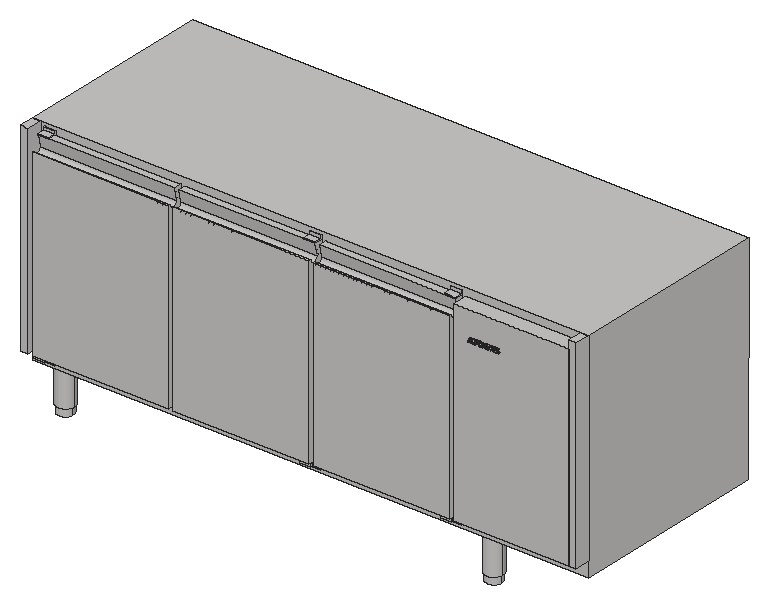
Revit family "QF_ALPENINOX_712277_AH3K5AAA", category Attrezzature speciali, Revit 2018 (continued)
Definition of nested family "HPP_APX_BI_BT_R"
  Automatic sketch dimensions
    Split face 127 sketch curve to Extrusion 2 = 123.044 mm
    Split face 127 sketch curve to Split face 127 sketch curve = 42 mm
    Split face 127 sketch curve to Extrusion 2 = 284.176 mm
    Split face 127 sketch curve to Split face 127 sketch curve = 4 mm
    Split face 128 sketch curve to Extrusion 2 = 68.044 mm
    Split face 128 sketch curve to Extrusion 2 = 26.044 mm
    Split face 128 sketch curve to Extrusion 2 = 284.176 mm
    Split face 128 sketch curve to Split face 128 sketch curve = 4 mm
    Split face 129 sketch curve to Extrusion 2 = 123.044 mm
    Split face 129 sketch curve to Split face 129 sketch curve = 42 mm
    Split face 129 sketch curve to Extrusion 2 = 296.176 mm
    Split face 129 sketch curve to Split face 129 sketch curve = 4 mm
    Split face 130 sketch curve to Extrusion 2 = 68.044 mm
    Split face 130 sketch curve to Extrusion 2 = 26.044 mm
    Split face 130 sketch curve to Extrusion 2 = 296.176 mm
    Split face 130 sketch curve to Split face 130 sketch curve = 4 mm
    Split face 131 sketch curve to Extrusion 2 = 123.044 mm
    Split face 131 sketch curve to Split face 131 sketch curve = 42 mm
    Split face 131 sketch curve to Extrusion 2 = 308.176 mm
    Split face 131 sketch curve to Split face 131 sketch curve = 4 mm
    Split face 132 sketch curve to Extrusion 2 = 68.044 mm
    Split face 132 sketch curve to Extrusion 2 = 26.044 mm
    Split face 132 sketch curve to Extrusion 2 = 308.176 mm
    Split face 132 sketch curve to Split face 132 sketch curve = 4 mm
    Split face 133 sketch curve to Extrusion 2 = 123.044 mm
    Split face 133 sketch curve to Split face 133 sketch curve = 42 mm
    Split face 133 sketch curve to Extrusion 2 = 192.174 mm
    Split face 133 sketch curve to Split face 133 sketch curve = 4 mm
    Split face 134 sketch curve to Extrusion 2 = 68.044 mm
    Split face 134 sketch curve to Extrusion 2 = 26.044 mm
    Split face 134 sketch curve to Extrusion 2 = 192.174 mm
    Split face 134 sketch curve to Split face 134 sketch curve = 4 mm
    Split face 135 sketch curve to Extrusion 2 = 123.044 mm
    Split face 135 sketch curve to Split face 135 sketch curve = 42 mm
    Split face 135 sketch curve to Extrusion 2 = 180.174 mm
    Split face 135 sketch curve to Split face 135 sketch curve = 4 mm
    Split face 136 sketch curve to Extrusion 2 = 68.044 mm
    Split face 136 sketch curve to Extrusion 2 = 26.044 mm
    Split face 136 sketch curve to Extrusion 2 = 180.174 mm
    Split face 136 sketch curve to Split face 136 sketch curve = 4 mm
    Split face 137 sketch curve to Extrusion 2 = 123.044 mm
    Split face 137 sketch curve to Split face 137 sketch curve = 42 mm
    Split face 137 sketch curve to Extrusion 2 = 168.174 mm
    Split face 137 sketch curve to Split face 137 sketch curve = 4 mm
    Split face 138 sketch curve to Extrusion 2 = 68.044 mm
    Split face 138 sketch curve to Extrusion 2 = 26.044 mm
    Split face 138 sketch curve to Extrusion 2 = 168.174 mm
    Split face 138 sketch curve to Split face 138 sketch curve = 4 mm
    Split face 139 sketch curve to Extrusion 2 = 123.044 mm
    Split face 139 sketch curve to Split face 139 sketch curve = 42 mm
    Split face 139 sketch curve to Extrusion 2 = 156.174 mm
    Split face 139 sketch curve to Split face 139 sketch curve = 4 mm
    Split face 140 sketch curve to Extrusion 2 = 68.044 mm
    Split face 140 sketch curve to Extrusion 2 = 26.044 mm
    Split face 140 sketch curve to Extrusion 2 = 156.174 mm
    Split face 140 sketch curve to Split face 140 sketch curve = 4 mm
    Split face 141 sketch curve to Extrusion 2 = 123.044 mm
    Split face 141 sketch curve to Split face 141 sketch curve = 42 mm
    Split face 141 sketch curve to Extrusion 2 = 144.174 mm
    Split face 141 sketch curve to Split face 141 sketch curve = 4 mm
    Split face 142 sketch curve to Extrusion 2 = 68.044 mm
    Split face 142 sketch curve to Extrusion 2 = 26.044 mm
    Split face 142 sketch curve to Extrusion 2 = 144.174 mm
    Split face 142 sketch curve to Split face 142 sketch curve = 4 mm
    Split face 143 sketch curve to Extrusion 2 = 123.044 mm
    Split face 143 sketch curve to Split face 143 sketch curve = 42 mm
    Split face 143 sketch curve to Extrusion 2 = 132.174 mm
    Split face 143 sketch curve to Split face 143 sketch curve = 4 mm
    Split face 144 sketch curve to Extrusion 2 = 68.044 mm
    Split face 144 sketch curve to Extrusion 2 = 26.044 mm
    Split face 144 sketch curve to Extrusion 2 = 132.174 mm
    Split face 144 sketch curve to Split face 144 sketch curve = 4 mm
    Split face 145 sketch curve to Extrusion 2 = 123.044 mm
    Split face 145 sketch curve to Split face 145 sketch curve = 42 mm
    Split face 145 sketch curve to Extrusion 2 = 120.174 mm
    Split face 145 sketch curve to Split face 145 sketch curve = 4 mm
    Split face 146 sketch curve to Extrusion 2 = 68.044 mm
    Split face 146 sketch curve to Extrusion 2 = 26.044 mm
    Split face 146 sketch curve to Extrusion 2 = 120.174 mm
    Split face 146 sketch curve to Split face 146 sketch curve = 4 mm
    Split face 147 sketch curve to Extrusion 2 = 123.044 mm
    Split face 147 sketch curve to Split face 147 sketch curve = 42 mm
    Split face 147 sketch curve to Extrusion 2 = 108.174 mm
    Split face 147 sketch curve to Split face 147 sketch curve = 4 mm
    Split face 148 sketch curve to Extrusion 2 = 68.044 mm
    Split face 148 sketch curve to Extrusion 2 = 26.044 mm
    Split face 148 sketch curve to Extrusion 2 = 108.174 mm
    Split face 148 sketch curve to Split face 148 sketch curve = 4 mm
    Split face 149 sketch curve to Extrusion 2 = 123.044 mm
    Split face 149 sketch curve to Split face 149 sketch curve = 42 mm
    Split face 149 sketch curve to Extrusion 2 = 96.174 mm
    Split face 149 sketch curve to Split face 149 sketch curve = 4 mm
    Split face 150 sketch curve to Extrusion 2 = 68.044 mm
    Split face 150 sketch curve to Extrusion 2 = 26.044 mm
    Split face 150 sketch curve to Extrusion 2 = 96.174 mm
    Split face 150 sketch curve to Split face 150 sketch curve = 4 mm
    Split face 151 sketch curve to Extrusion 2 = 123.044 mm
    Split face 151 sketch curve to Split face 151 sketch curve = 42 mm
    Split face 151 sketch curve to Extrusion 2 = 84.174 mm
    Split face 151 sketch curve to Split face 151 sketch curve = 4 mm
    Split face 152 sketch curve to Extrusion 2 = 68.044 mm
    Split face 152 sketch curve to Extrusion 2 = 26.044 mm
    Split face 152 sketch curve to Extrusion 2 = 84.174 mm
    Split face 152 sketch curve to Split face 152 sketch curve = 4 mm
    Split face 153 sketch curve to Extrusion 2 = 80.174 mm
    Split face 153 sketch curve to Extrusion 2 = 123.044 mm
    Split face 153 sketch curve to Split face 153 sketch curve = 42 mm
    Split face 153 sketch curve to Split face 153 sketch curve = 4 mm
    Split face 154 sketch curve to Extrusion 2 = 68.044 mm
    Split face 154 sketch curve to Extrusion 2 = 26.044 mm
    Split face 154 sketch curve to Extrusion 2 = 72.174 mm
    Split face 154 sketch curve to Split face 154 sketch curve = 4 mm
    Split face 155 sketch curve to Extrusion 2 = 68.174 mm
    Split face 155 sketch curve to Extrusion 2 = 123.044 mm
    Split face 155 sketch curve to Split face 155 sketch curve = 42 mm
    Split face 155 sketch curve to Split face 155 sketch curve = 4 mm
    Split face 156 sketch curve to Extrusion 2 = 68.044 mm
    Split face 156 sketch curve to Extrusion 2 = 26.044 mm
    Split face 156 sketch curve to Extrusion 2 = 60.174 mm
    Split face 156 sketch curve to Split face 156 sketch curve = 4 mm
    Split face 157 sketch curve to Extrusion 2 = 56.174 mm
    Split face 157 sketch curve to Extrusion 2 = 123.044 mm
    Split face 157 sketch curve to Split face 157 sketch curve = 42 mm
    Split face 157 sketch curve to Split face 157 sketch curve = 4 mm
    Split face 158 sketch curve to Extrusion 2 = 68.044 mm
    Split face 158 sketch curve to Extrusion 2 = 26.044 mm
    Split face 158 sketch curve to Extrusion 2 = 48.174 mm
    Split face 158 sketch curve to Split face 158 sketch curve = 4 mm
    Split face 159 sketch curve to Extrusion 2 = 44.174 mm
    Split face 159 sketch curve to Extrusion 2 = 123.044 mm
    Split face 159 sketch curve to Split face 159 sketch curve = 42 mm
    Split face 159 sketch curve to Split face 159 sketch curve = 4 mm
    Split face 160 sketch curve to Extrusion 2 = 44.174 mm
    Split face 160 sketch curve to Extrusion 2 = 68.044 mm
    Split face 160 sketch curve to Extrusion 2 = 26.044 mm
    Split face 160 sketch curve to Split face 160 sketch curve = 4 mm
    Split face 161 sketch curve to Extrusion 2 = 32.174 mm
    Split face 161 sketch curve to Extrusion 2 = 123.044 mm
    Split face 161 sketch curve to Extrusion 2 = 24.174 mm
    Split face 161 sketch curve to Split face 161 sketch curve = 42 mm
    Split face 162 sketch curve to Extrusion 2 = 32.174 mm
    Split face 162 sketch curve to Extrusion 2 = 68.044 mm
    Split face 162 sketch curve to Extrusion 2 = 26.044 mm
    Split face 162 sketch curve to Split face 162 sketch curve = 4 mm
    Split face 163 sketch curve to Extrusion 2 = 20.174 mm
    Split face 163 sketch curve to Extrusion 2 = 123.044 mm
    Split face 163 sketch curve to Extrusion 2 = 12.174 mm
    Split face 163 sketch curve to Split face 163 sketch curve = 42 mm
    Split face 164 sketch curve to Extrusion 2 = 20.174 mm
    Split face 164 sketch curve to Extrusion 2 = 68.044 mm
    Split face 164 sketch curve to Extrusion 2 = 12.174 mm
    Split face 164 sketch curve to Extrusion 2 = 26.044 mm
    Split face 165 sketch curve to Extrusion 2 = 0 mm  (x2)
    Split face 165 sketch curve to Extrusion 2 = 46.5 mm
    Split face 165 sketch curve to Extrusion 2 = 104 mm
    Split face 165 sketch curve to Split face 165 sketch curve = 17.5 mm
    Split face 166 sketch curve to Extrusion 2 = 135.956 mm
    Split face 166 sketch curve to Split face 166 sketch curve = 42 mm
    Split face 166 sketch curve to Extrusion 2 = 128.176 mm
    Split face 166 sketch curve to Split face 166 sketch curve = 4 mm
    Split face 167 sketch curve to Extrusion 2 = 135.956 mm
    Split face 167 sketch curve to Split face 167 sketch curve = 42 mm
    Split face 167 sketch curve to Extrusion 2 = 140.176 mm
    Split face 167 sketch curve to Split face 167 sketch curve = 4 mm
    Split face 168 sketch curve to Extrusion 2 = 135.956 mm
    Split face 168 sketch curve to Split face 168 sketch curve = 42 mm
    Split face 168 sketch curve to Extrusion 2 = 152.176 mm
    Split face 168 sketch curve to Split face 168 sketch curve = 4 mm
    Split face 169 sketch curve to Extrusion 2 = 135.956 mm
    Split face 169 sketch curve to Split face 169 sketch curve = 42 mm
    Split face 169 sketch curve to Extrusion 2 = 164.176 mm
    Split face 169 sketch curve to Split face 169 sketch curve = 4 mm
    Split face 170 sketch curve to Extrusion 2 = 135.956 mm
    Split face 170 sketch curve to Split face 170 sketch curve = 42 mm
    Split face 170 sketch curve to Extrusion 2 = 176.176 mm
    Split face 170 sketch curve to Split face 170 sketch curve = 4 mm
    Split face 171 sketch curve to Extrusion 2 = 135.956 mm
    Split face 171 sketch curve to Split face 171 sketch curve = 42 mm
    Split face 171 sketch curve to Extrusion 2 = 188.176 mm
    Split face 171 sketch curve to Split face 171 sketch curve = 4 mm
    Split face 172 sketch curve to Extrusion 2 = 135.956 mm
    Split face 172 sketch curve to Split face 172 sketch curve = 42 mm
    Split face 172 sketch curve to Extrusion 2 = 200.176 mm
    Split face 172 sketch curve to Split face 172 sketch curve = 4 mm
    Split face 173 sketch curve to Extrusion 2 = 135.956 mm
    Split face 173 sketch curve to Split face 173 sketch curve = 42 mm
    Split face 173 sketch curve to Extrusion 2 = 212.176 mm
    Split face 173 sketch curve to Split face 173 sketch curve = 4 mm
    Split face 174 sketch curve to Extrusion 2 = 135.956 mm
    Split face 174 sketch curve to Split face 174 sketch curve = 42 mm
    Split face 174 sketch curve to Extrusion 2 = 224.176 mm
    Split face 174 sketch curve to Split face 174 sketch curve = 4 mm
    Split face 175 sketch curve to Extrusion 2 = 135.956 mm
    Split face 175 sketch curve to Split face 175 sketch curve = 42 mm
    Split face 175 sketch curve to Extrusion 2 = 236.176 mm
    Split face 175 sketch curve to Split face 175 sketch curve = 4 mm
    Split face 176 sketch curve to Extrusion 2 = 135.956 mm
    Split face 176 sketch curve to Split face 176 sketch curve = 42 mm
    Split face 176 sketch curve to Extrusion 2 = 248.176 mm
    Split face 176 sketch curve to Split face 176 sketch curve = 4 mm
    Split face 177 sketch curve to Extrusion 2 = 135.956 mm
    Split face 177 sketch curve to Split face 177 sketch curve = 42 mm
    Split face 177 sketch curve to Extrusion 2 = 260.176 mm
    Split face 177 sketch curve to Split face 177 sketch curve = 4 mm
    Split face 178 sketch curve to Extrusion 2 = 135.956 mm
    Split face 178 sketch curve to Split face 178 sketch curve = 42 mm
    Split face 178 sketch curve to Extrusion 2 = 272.176 mm
    Split face 178 sketch curve to Split face 178 sketch curve = 4 mm
    Split face 179 sketch curve to Extrusion 2 = 135.956 mm
    Split face 179 sketch curve to Split face 179 sketch curve = 42 mm
    Split face 179 sketch curve to Extrusion 2 = 284.176 mm
    Split face 179 sketch curve to Split face 179 sketch curve = 4 mm
    Split face 180 sketch curve to Extrusion 2 = 135.956 mm
    Split face 180 sketch curve to Split face 180 sketch curve = 42 mm
    Split face 180 sketch curve to Extrusion 2 = 296.176 mm
    Split face 180 sketch curve to Split face 180 sketch curve = 4 mm
    Split face 181 sketch curve to Extrusion 2 = 135.956 mm
    Split face 181 sketch curve to Split face 181 sketch curve = 42 mm
    Split face 181 sketch curve to Extrusion 2 = 308.176 mm
    Split face 181 sketch curve to Split face 181 sketch curve = 4 mm
    Split face 182 sketch curve to Extrusion 2 = 135.956 mm
    Split face 182 sketch curve to Split face 182 sketch curve = 42 mm
    Split face 182 sketch curve to Extrusion 2 = 192.174 mm
    Split face 182 sketch curve to Split face 182 sketch curve = 4 mm
    Split face 183 sketch curve to Extrusion 2 = 135.956 mm
    Split face 183 sketch curve to Split face 183 sketch curve = 42 mm
    Split face 183 sketch curve to Extrusion 2 = 180.174 mm
    Split face 183 sketch curve to Split face 183 sketch curve = 4 mm
    Split face 184 sketch curve to Extrusion 2 = 135.956 mm
    Split face 184 sketch curve to Split face 184 sketch curve = 42 mm
    Split face 184 sketch curve to Extrusion 2 = 168.174 mm
    Split face 184 sketch curve to Split face 184 sketch curve = 4 mm
    Split face 185 sketch curve to Extrusion 2 = 135.956 mm
    Split face 185 sketch curve to Split face 185 sketch curve = 42 mm
    Split face 185 sketch curve to Extrusion 2 = 156.174 mm
    Split face 185 sketch curve to Split face 185 sketch curve = 4 mm
    Split face 186 sketch curve to Extrusion 2 = 135.956 mm
    Split face 186 sketch curve to Split face 186 sketch curve = 42 mm
    Split face 186 sketch curve to Extrusion 2 = 144.174 mm
    Split face 186 sketch curve to Split face 186 sketch curve = 4 mm
    Split face 187 sketch curve to Extrusion 2 = 135.956 mm
    Split face 187 sketch curve to Split face 187 sketch curve = 42 mm
    Split face 187 sketch curve to Extrusion 2 = 132.174 mm
    Split face 187 sketch curve to Split face 187 sketch curve = 4 mm
    Split face 188 sketch curve to Extrusion 2 = 135.956 mm
    Split face 188 sketch curve to Split face 188 sketch curve = 42 mm
    Split face 188 sketch curve to Extrusion 2 = 120.174 mm
    Split face 188 sketch curve to Split face 188 sketch curve = 4 mm
    Split face 189 sketch curve to Extrusion 2 = 135.956 mm
    Split face 189 sketch curve to Split face 189 sketch curve = 42 mm
    Split face 189 sketch curve to Extrusion 2 = 108.174 mm
    Split face 189 sketch curve to Split face 189 sketch curve = 4 mm
    Split face 190 sketch curve to Extrusion 2 = 135.956 mm
    Split face 190 sketch curve to Split face 190 sketch curve = 42 mm
    Split face 190 sketch curve to Extrusion 2 = 96.174 mm
    Split face 190 sketch curve to Split face 190 sketch curve = 4 mm
    Split face 191 sketch curve to Extrusion 2 = 135.956 mm
    Split face 191 sketch curve to Split face 191 sketch curve = 42 mm
    Split face 191 sketch curve to Extrusion 2 = 84.174 mm
    Split face 191 sketch curve to Split face 191 sketch curve = 4 mm
    Split face 192 sketch curve to Extrusion 2 = 80.174 mm
    Split face 192 sketch curve to Extrusion 2 = 135.956 mm
    Split face 192 sketch curve to Split face 192 sketch curve = 42 mm
    Split face 192 sketch curve to Split face 192 sketch curve = 4 mm
    Split face 193 sketch curve to Extrusion 2 = 68.174 mm
    Split face 193 sketch curve to Extrusion 2 = 135.956 mm
    Split face 193 sketch curve to Split face 193 sketch curve = 42 mm
    Split face 193 sketch curve to Split face 193 sketch curve = 4 mm
    Split face 194 sketch curve to Extrusion 2 = 56.174 mm
    Split face 194 sketch curve to Extrusion 2 = 135.956 mm
    Split face 194 sketch curve to Split face 194 sketch curve = 42 mm
    Split face 194 sketch curve to Split face 194 sketch curve = 4 mm
    Split face 195 sketch curve to Extrusion 2 = 44.174 mm
    Split face 195 sketch curve to Extrusion 2 = 135.956 mm
    Split face 195 sketch curve to Split face 195 sketch curve = 42 mm
    Split face 195 sketch curve to Split face 195 sketch curve = 4 mm
    Split face 196 sketch curve to Extrusion 2 = 32.174 mm
    Split face 196 sketch curve to Extrusion 2 = 135.956 mm
    Split face 196 sketch curve to Split face 196 sketch curve = 42 mm
    Split face 196 sketch curve to Split face 196 sketch curve = 4 mm
    Split face 197 sketch curve to Extrusion 2 = 20.174 mm
    Split face 197 sketch curve to Extrusion 2 = 135.956 mm
    Split face 197 sketch curve to Extrusion 2 = 16.174 mm
    Split face 197 sketch curve to Split face 197 sketch curve = 42 mm
    plane 4 to Extrusion 3 sketch curve = 46.828 mm
    Extrusion 3 sketch curve to Extrusion 3 sketch curve = 1.266 mm
    Extrusion 3 sketch curve to Extrusion 3 sketch curve = 1.307 mm
    Extrusion 3 sketch curve to Extrusion 3 sketch curve = 0.57 mm
    Extrusion 3 sketch curve to Extrusion 3 sketch curve = 0.593 mm
    Extrusion 3 sketch curve to Extrusion 3 sketch curve = 0.799 mm
    Extrusion 3 sketch curve to Extrusion 3 sketch curve = 1.99 mm  (x2)
    Extrusion 3 sketch curve to Extrusion 3 sketch curve = 0.003 mm
    Extrusion 3 sketch curve to Extrusion 3 sketch curve = 3.534 mm
    Extrusion 3 sketch curve to Extrusion 3 sketch curve = 0.835 mm
    Extrusion 3 sketch curve to Extrusion 3 sketch curve = 0.56 mm
    Extrusion 3 sketch curve to Extrusion 3 sketch curve = 1.268 mm
    Extrusion 3 sketch curve to Extrusion 3 sketch curve = 1.223 mm
    Extrusion 3 sketch curve to Extrusion 3 sketch curve = 1.344 mm
    Extrusion 3 sketch curve to Extrusion 3 sketch curve = 1.394 mm  (x2)
    Extrusion 3 sketch curve to Extrusion 3 sketch curve = 1.512 mm
    Extrusion 3 sketch curve to Extrusion 3 sketch curve = 3.309 mm
    Extrusion 3 sketch curve to Extrusion 3 sketch curve = 5.841 mm
    Extrusion 3 sketch curve to Extrusion 3 sketch curve = 1.393 mm
    Extrusion 3 sketch curve to Extrusion 3 sketch curve = 1.439 mm
    Extrusion 3 sketch curve to Extrusion 3 sketch curve = 0 mm  (x18)
    Extrusion 3 sketch curve to Extrusion 3 sketch curve = 1.902 mm
    Extrusion 3 sketch curve to Extrusion 3 sketch curve = 0.052 mm
    Extrusion 3 sketch curve to Extrusion 3 sketch curve = 2.065 mm
    Extrusion 3 sketch curve to Extrusion 3 sketch curve = 0.647 mm
    Extrusion 3 sketch curve to Extrusion 3 sketch curve = 8.079 mm
    Extrusion 3 sketch curve to Extrusion 3 sketch curve = 0.073 mm
    Extrusion 3 sketch curve to Extrusion 3 sketch curve = 2.145 mm
    Extrusion 3 sketch curve to Extrusion 3 sketch curve = 2.931 mm
    Extrusion 3 sketch curve to Extrusion 3 sketch curve = 0.213 mm
    Extrusion 3 sketch curve to Extrusion 3 sketch curve = 0.026 mm
    Extrusion 3 sketch curve to Extrusion 3 sketch curve = 0.263 mm
    Extrusion 3 sketch curve to Extrusion 3 sketch curve = 0.516 mm
    Extrusion 3 sketch curve to Extrusion 3 sketch curve = 0.356 mm
    Extrusion 3 sketch curve to Extrusion 3 sketch curve = 0.387 mm
    Extrusion 3 sketch curve to Extrusion 3 sketch curve = 2.378 mm
    Extrusion 3 sketch curve to Extrusion 3 sketch curve = 2.466 mm
    Extrusion 3 sketch curve to Extrusion 3 sketch curve = 0.602 mm
    Extrusion 3 sketch curve to Extrusion 3 sketch curve = 1.02 mm
    Extrusion 3 sketch curve to Extrusion 3 sketch curve = 0.949 mm
    Extrusion 3 sketch curve to Extrusion 3 sketch curve = 1.728 mm
    Extrusion 3 sketch curve to Extrusion 3 sketch curve = 0.157 mm  (x2)
    Extrusion 3 sketch curve to Extrusion 3 sketch curve = 0.292 mm
    Extrusion 3 sketch curve to Extrusion 3 sketch curve = 3.565 mm
    Extrusion 3 sketch curve to Extrusion 3 sketch curve = 1.396 mm  (x2)
    Extrusion 3 sketch curve to Extrusion 3 sketch curve = 1.418 mm  (x2)
    Extrusion 3 sketch curve to plane 6 = 79.968 mm
    Extrusion 3 sketch curve to Extrusion 3 sketch curve = 1.151 mm  (x2)
    Extrusion 3 sketch curve to Extrusion 3 sketch curve = 5.709 mm  (x2)
    Extrusion 3 sketch curve to Extrusion 3 sketch curve = 0.224 mm  (x2)
    Extrusion 3 sketch curve to Extrusion 3 sketch curve = 1.149 mm  (x2)
    Extrusion 3 sketch curve to Extrusion 3 sketch curve = 1.395 mm  (x2)
    Extrusion 3 sketch curve to Extrusion 3 sketch curve = 1.744 mm
    Extrusion 3 sketch curve to Extrusion 3 sketch curve = 1.745 mm
    Extrusion 3 sketch curve to Extrusion 3 sketch curve = 6.963 mm
    Extrusion 3 sketch curve to Extrusion 3 sketch curve = 0.493 mm  (x3)
    Extrusion 3 sketch curve to Extrusion 3 sketch curve = 0.273 mm  (x2)
    Extrusion 3 sketch curve to Extrusion 3 sketch curve = 0.021 mm  (x2)
    Extrusion 3 sketch curve to Extrusion 3 sketch curve = 0.226 mm  (x2)
    Extrusion 3 sketch curve to Extrusion 3 sketch curve = 0.268 mm  (x2)
    Extrusion 3 sketch curve to Extrusion 3 sketch curve = 0.294 mm
    Extrusion 3 sketch curve to Extrusion 3 sketch curve = 5.238 mm
    Extrusion 3 sketch curve to Extrusion 3 sketch curve = 5.908 mm
    Extrusion 3 sketch curve to Extrusion 3 sketch curve = 1.109 mm  (x2)
    Extrusion 3 sketch curve to Extrusion 3 sketch curve = 1.108 mm  (x2)
    Extrusion 3 sketch curve to Extrusion 3 sketch curve = 1.142 mm  (x2)
    Extrusion 3 sketch curve to Extrusion 3 sketch curve = 1.216 mm  (x2)
    Extrusion 3 sketch curve to Extrusion 3 sketch curve = 3.013 mm
    Extrusion 3 sketch curve to Extrusion 3 sketch curve = 1.616 mm  (x3)
    Extrusion 3 sketch curve to Extrusion 3 sketch curve = 2.305 mm
    Extrusion 3 sketch curve to Extrusion 3 sketch curve = 3.049 mm
    Extrusion 3 sketch curve to Extrusion 3 sketch curve = 0.828 mm
    Extrusion 3 sketch curve to Extrusion 3 sketch curve = 0.11 mm  (x2)
    Extrusion 3 sketch curve to Extrusion 3 sketch curve = 0.402 mm
    Extrusion 3 sketch curve to Extrusion 3 sketch curve = 0.719 mm
    Extrusion 3 sketch curve to Extrusion 3 sketch curve = 0.996 mm
    Extrusion 3 sketch curve to Extrusion 3 sketch curve = 0.761 mm
    Extrusion 3 sketch curve to Extrusion 3 sketch curve = 2.042 mm
    Extrusion 3 sketch curve to Extrusion 3 sketch curve = 1.768 mm
    Extrusion 3 sketch curve to Extrusion 3 sketch curve = 1.955 mm
    Extrusion 3 sketch curve to Extrusion 3 sketch curve = 0.34 mm
    Extrusion 3 sketch curve to Extrusion 3 sketch curve = 1.481 mm
    Extrusion 3 sketch curve to Extrusion 3 sketch curve = 3.543 mm  (x2)
    Extrusion 3 sketch curve to Extrusion 3 sketch curve = 0.474 mm
    Extrusion 3 sketch curve to Extrusion 3 sketch curve = 3.335 mm
    Extrusion 3 sketch curve to Extrusion 3 sketch curve = 0.681 mm
    Extrusion 3 sketch curve to Extrusion 3 sketch curve = 0.209 mm
    Extrusion 3 sketch curve to Extrusion 3 sketch curve = 0.121 mm
    Extrusion 3 sketch curve to Extrusion 3 sketch curve = 0.352 mm  (x2)
    Extrusion 3 sketch curve to Extrusion 3 sketch curve = 0.597 mm
    Extrusion 3 sketch curve to Extrusion 3 sketch curve = 2.288 mm  (x2)
    Extrusion 3 sketch curve to Extrusion 3 sketch curve = 0.533 mm  (x4)
    Extrusion 3 sketch curve to Extrusion 3 sketch curve = 0.732 mm
    Extrusion 3 sketch curve to Extrusion 3 sketch curve = 0.14 mm  (x4)
    Extrusion 3 sketch curve to Extrusion 3 sketch curve = 0.075 mm
    Extrusion 3 sketch curve to Extrusion 3 sketch curve = 0.31 mm  (x2)
    Extrusion 3 sketch curve to Extrusion 3 sketch curve = 0.473 mm
    Extrusion 3 sketch curve to Extrusion 3 sketch curve = 0.171 mm
    Extrusion 3 sketch curve to Extrusion 3 sketch curve = 0.674 mm
    Extrusion 3 sketch curve to Extrusion 3 sketch curve = 1.992 mm
    Extrusion 3 sketch curve to Extrusion 3 sketch curve = 5.4 mm
    Extrusion 3 sketch curve to Extrusion 3 sketch curve = 3.473 mm  (x2)
    Extrusion 3 sketch curve to Extrusion 3 sketch curve = 2.32 mm
    Extrusion 3 sketch curve to Extrusion 3 sketch curve = 2.431 mm
    Extrusion 3 sketch curve to Extrusion 3 sketch curve = 1.177 mm
    Extrusion 3 sketch curve to Extrusion 3 sketch curve = 0.966 mm
    Extrusion 3 sketch curve to Extrusion 3 sketch curve = 2.544 mm
    Extrusion 3 sketch curve to Extrusion 3 sketch curve = 0.346 mm
    Extrusion 3 sketch curve to Extrusion 3 sketch curve = 0.037 mm
    Extrusion 3 sketch curve to Extrusion 3 sketch curve = 2.58 mm  (x2)
    Extrusion 3 sketch curve to Extrusion 3 sketch curve = 0.793 mm  (x2)
    Extrusion 3 sketch curve to Extrusion 3 sketch curve = 0.276 mm
    Extrusion 3 sketch curve to Extrusion 3 sketch curve = 3.452 mm  (x2)
    Extrusion 3 sketch curve to Extrusion 3 sketch curve = 1.238 mm
    Extrusion 3 sketch curve to Extrusion 3 sketch curve = 3.023 mm
    Extrusion 3 sketch curve to Extrusion 3 sketch curve = 0.834 mm  (x2)
    Extrusion 3 sketch curve to Extrusion 3 sketch curve = 0.529 mm
    Extrusion 3 sketch curve to Extrusion 3 sketch curve = 7.017 mm
    Extrusion 3 sketch curve to Extrusion 3 sketch curve = 0.823 mm  (x2)
    Extrusion 3 sketch curve to Extrusion 3 sketch curve = 0.947 mm
    Extrusion 3 sketch curve to Extrusion 3 sketch curve = 3.837 mm
    Extrusion 3 sketch curve to Extrusion 3 sketch curve = 0.623 mm
    Extrusion 3 sketch curve to Extrusion 3 sketch curve = 1.082 mm
    Extrusion 3 sketch curve to Extrusion 3 sketch curve = 0.801 mm
    Extrusion 3 sketch curve to Extrusion 3 sketch curve = 1 mm
    Extrusion 3 sketch curve to Extrusion 3 sketch curve = 0.089 mm
    Extrusion 3 sketch curve to Extrusion 3 sketch curve = 4.257 mm
    Extrusion 3 sketch curve to Extrusion 3 sketch curve = 4.345 mm  (x2)
    Extrusion 3 sketch curve to Extrusion 3 sketch curve = 2.576 mm
    Extrusion 3 sketch curve to Extrusion 3 sketch curve = 1.385 mm  (x4)
    Extrusion 3 sketch curve to Extrusion 3 sketch curve = 2.133 mm  (x4)
    Extrusion 3 sketch curve to Extrusion 3 sketch curve = 3.518 mm
    Extrusion 3 sketch curve to Extrusion 3 sketch curve = 3.032 mm
Definition of nested family "HPP_APX_SD_L"
  Parameters
    Show Clearance [instance] = yes
    Default Elevation = 1219.2 mm
  Reference planes
    plane 1 "Center (Front/Back)": y = 0
    plane 2: z = 0
    plane 3 "Center (Left/Right)": x = 0
    plane 4: x = -234
    plane 5: x = 234
  Forms (mm)
    Extrusion 1, solid
      sketch origin (0, 0, 0) x (1, 0, 0) y (0, 1, 0)
        loop
          line (-1219.2, 1219.2) -> (-1219.2, -1219.2) -> (1219.2, -1219.2) -> (1219.2, 1219.2) -> (-1219.2, 1219.2)
      from 0 to -304.8
    Extrusion 2, solid
      sketch origin (0, 0, -3) x (0, 1, 0) y (0, 0, 1)
        loop
          line (-314, 53) -> (-314, 3) -> (314, 3) -> (314, 29) -> (274.395, 20)
          arc (274.395, 20) -> (260.396, 33.803) -> (274, 47.994) r 14
          line (274, 47.994) -> (274, 53) -> (-314, 53)
      from -220 to 220
    Extrusion 3, solid
      sketch origin (0, 0, 0) x (0, 1, 0) y (0, 0, -1)
        loop
          line (-323.003, -40.312) -> (-323.003, -12.259) -> (-323.003, 0) -> (-351.511, 0) -> (-351.511, -2.5) -> (-325.503, -2.5) -> (-325.503, -42.812) -> (-316.501, -42.812) -> (-316.501, -40.312) -> (-323.003, -40.312)
        loop
          line (-314, -38.311) -> (-314, -11.804) -> (-319.752, -11.804) -> (-319.752, -14.304) -> (-316.501, -14.304) -> (-316.501, -38.311) -> (-314, -38.311)
        loop
          line (315.003, -27.948) -> (317.503, -27.948) -> (317.503, -2.5) -> (327.503, -2.5) -> (327.503, 0) -> (315.003, 0) -> (315.003, -2.948) -> (315.003, -27.948)
      from 185 to 220
    Extrusion 4, solid, visible <- "Show Clearance", detail levels coarse
      sketch origin (0, 0, -3) x (-1, 0, 0) y (0, 0, -1)
        loop
          line (220, -53) -> (-220, -53)
          arc (-220, -53) -> (-79.636, -340.04) -> (220, -451) r 430
          line (220, -451) -> (220, -53)
      from -314 to 314
  Lines and regions (mm)
    symbolic lines
      curve 1: arc (219.599, 0, 55) -> (95.934, 0, 321.503) -> (-170, 0, 446.39) r 430
      curve 2: line (-220, 0, 55) -> (-220, 0, 448)
      curve 3: line (-170, 0, 55) -> (-170, 0, 448)
      curve 4: line (-220, 0, 448) -> (-170, 0, 448)
  Dimensions and locks
    plane 4 to plane 3 "Center (Left/Right)" to plane 5 = 234 mm locked, 234 mm locked
    aligned and locked: plane 2 to Extrusion 1
    aligned and locked: level to Extrusion 1
Definition of nested family "HPP_APX_SD_R"
  Parameters
    Show Clearance [instance] = yes
    Default Elevation = 1219.2 mm
  Reference planes
    plane 1 "Center (Front/Back)": y = 0
    plane 2: z = 0
    plane 3 "Center (Left/Right)": x = 0
    plane 4: x = -234
    plane 5: x = 234
  Forms (mm)
    Extrusion 1, solid
      sketch origin (0, 0, 0) x (1, 0, 0) y (0, 1, 0)
        loop
          line (-1219.2, 1219.2) -> (-1219.2, -1219.2) -> (1219.2, -1219.2) -> (1219.2, 1219.2) -> (-1219.2, 1219.2)
      from 0 to -304.8
    Extrusion 2, solid
      sketch origin (0, 0, -3) x (0, 1, 0) y (0, 0, -1)
        loop
          line (-314, -53) -> (274, -53) -> (274, -47.994)
          arc (274, -47.994) -> (260.396, -33.803) -> (274.395, -20) r 14
          line (274.395, -20) -> (314, -29) -> (314, -3) -> (-314, -3) -> (-314, -53)
      from -220 to 220
    Extrusion 3, solid
      sketch origin (0, 0, 0) x (0, 1, 0) y (0, 0, 1)
        loop
          line (-323.003, 40.312) -> (-316.501, 40.312) -> (-316.501, 42.812) -> (-325.503, 42.812) -> (-325.503, 2.5) -> (-351.511, 2.5) -> (-351.511, 0) -> (-323.003, 0) -> (-323.003, 12.259) -> (-323.003, 40.312)
        loop
          line (-314, 38.311) -> (-316.501, 38.311) -> (-316.501, 14.304) -> (-319.752, 14.304) -> (-319.752, 11.804) -> (-314, 11.804) -> (-314, 38.311)
        loop
          line (315.003, 27.948) -> (315.003, 2.948) -> (315.003, 0) -> (327.503, 0) -> (327.503, 2.5) -> (317.503, 2.5) -> (317.503, 27.948) -> (315.003, 27.948)
      from 185 to 220
    Extrusion 4, solid, visible <- "Show Clearance", detail levels coarse
      sketch origin (0, 0, -3) x (1, 0, 0) y (0, 0, 1)
        loop
          line (220, 53) -> (220, 451)
          arc (220, 451) -> (-79.636, 340.04) -> (-220, 53) r 430
          line (-220, 53) -> (220, 53)
      from -314 to 314
  Lines and regions (mm)
    symbolic lines
      curve 1: arc (-219.599, 0, 55) -> (-95.934, 0, 321.503) -> (170, 0, 446.39) r 430
      curve 2: line (220, 0, 55) -> (220, 0, 448)
      curve 3: line (170, 0, 55) -> (170, 0, 448)
      curve 4: line (220, 0, 448) -> (170, 0, 448)
  Dimensions and locks
    plane 4 to plane 3 "Center (Left/Right)" to plane 5 = 234 mm locked, 234 mm locked
    aligned and locked: plane 2 to Extrusion 1
    aligned and locked: level to Extrusion 1
Definition of nested family "HPP_Freezer"
  Reference planes
    plane 1 "Center (Front/Back)": y = 0
    plane 2: z = 0
    plane 3 "Center (Left/Right)": x = 0
  Lines and regions (mm)
    detail lines, in view "Ref. Level"
      curve 1: spline (-500, 190, 0) -> (-493.185, 166.706, 0) -> (-473.205, 145, 0) -> (-441.421, 126.36, 0) -> (-400, 112.058, 0) -> (-351.764, 103.067, 0) -> (-300, 100, 0) -> (-248.236, 103.067, 0) -> (-200, 112.058, 0) -> (-158.579, 126.36, 0) -> (-126.795, 145, 0) -> (-106.815, 166.706, 0) -> (-100, 190, 0) -> (-106.815, 213.294, 0) -> (-126.795, 235, 0) -> (-158.579, 253.64, 0) -> (-200, 267.942, 0) -> (-248.236, 276.933, 0) -> (-300, 280, 0) -> (-351.764, 276.933, 0) -> (-400, 267.942, 0) -> (-441.421, 253.64, 0) -> (-473.205, 235, 0) -> (-493.185, 213.294, 0) -> (-500, 190, 0)
      curve 2: line (-220, 130, 0) -> (-220, 250, 0)
      curve 3: line (-271.962, 220, 0) -> (-168.038, 160, 0)
      curve 4: line (-271.962, 160, 0) -> (-168.038, 220, 0)
      curve 5: line (-200.884, 246.873, 0) -> (-220, 225, 0)
      curve 6: line (-220, 225, 0) -> (-239.116, 246.873, 0)
      curve 7: line (-250.311, 207.5, 0) -> (-260, 235.883, 0)
      curve 8: line (-279.736, 201.7, 0) -> (-250.311, 207.5, 0)
      curve 9: line (-250.311, 172.5, 0) -> (-279.736, 178.3, 0)
      curve 10: line (-260, 144.117, 0) -> (-250.311, 172.5, 0)
      curve 11: line (-220, 155, 0) -> (-239.116, 133.127, 0)
      curve 12: line (-200.884, 133.127, 0) -> (-220, 155, 0)
      curve 13: line (-189.689, 172.5, 0) -> (-180.304, 145.008, 0)
      curve 14: line (-161.188, 178.118, 0) -> (-189.689, 172.5, 0)
      curve 15: line (-189.689, 207.5, 0) -> (-161.188, 201.882, 0)
      curve 16: line (-180.304, 234.992, 0) -> (-189.689, 207.5, 0)
      curve 17: line (-380, 130, 0) -> (-380, 250, 0)
      curve 18: line (-431.962, 220, 0) -> (-328.038, 160, 0)
      curve 19: line (-431.962, 160, 0) -> (-328.038, 220, 0)
      curve 20: line (-360.884, 246.873, 0) -> (-380, 225, 0)
      curve 21: line (-380, 225, 0) -> (-399.116, 246.873, 0)
      curve 22: line (-410.311, 207.5, 0) -> (-419.696, 234.992, 0)
      curve 23: line (-438.812, 201.882, 0) -> (-410.311, 207.5, 0)
      curve 24: line (-410.311, 172.5, 0) -> (-438.812, 178.118, 0)
      curve 25: line (-419.696, 145.008, 0) -> (-410.311, 172.5, 0)
      curve 26: line (-380, 155, 0) -> (-399.116, 133.127, 0)
      curve 27: line (-360.884, 133.127, 0) -> (-380, 155, 0)
      curve 28: line (-349.689, 172.5, 0) -> (-340, 144.117, 0)
      curve 29: line (-320.264, 178.3, 0) -> (-349.689, 172.5, 0)
      curve 30: line (-349.689, 207.5, 0) -> (-320.264, 201.7, 0)
      curve 31: line (-340, 235.883, 0) -> (-349.689, 207.5, 0)
Types (2, lengths in mm): name | URL | Produttore | Phase | Modello | Descrizione
  (no name) | 0 | 0 | 0 | 0 | 0
  Standard | "http://www.alpeninox.com" | "Alpeninox" | 1 | "AH3K5AAA" | "FREEZ.COUNTER 440L 3xDOOR NOTOP CU_RGT GALV"
